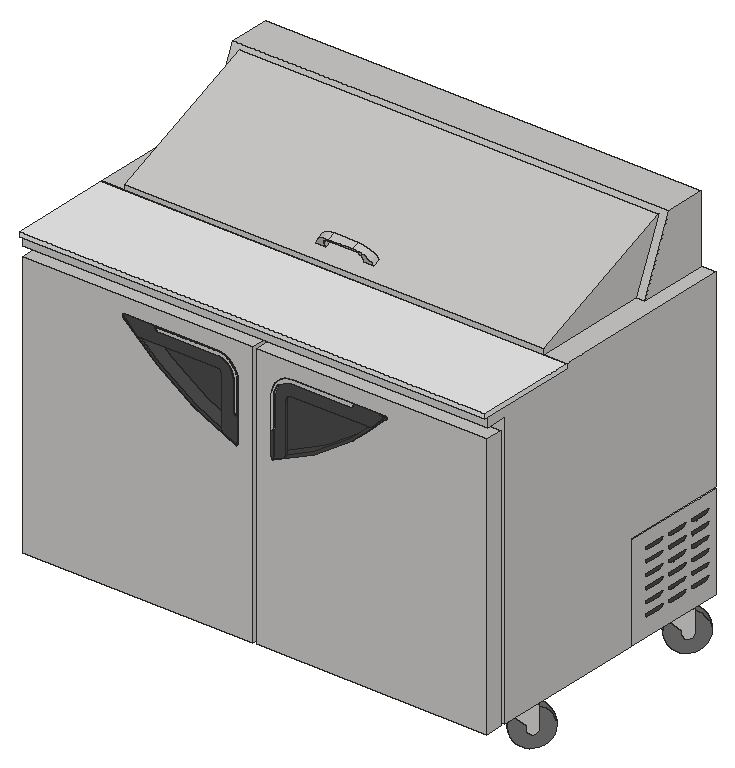
Revit family "QF_Turbo Air_TST-48SDb95a11bd-f1e2-4fd4-9313-4a725087d6c0", category Specialty Equipment, Revit 2012
Parameters
  Weight in Pounds = 273
  Watermarked By = "http://revitwatermark.com"
  Volts = 115 V
  URL Cutsheet = ""
  URL = "www.turboairinc.com"
  Status [instance] = ""
  Specification by User [instance] = ""
  Specification by Manufacturer [instance] = ""
  Serial Number [instance] = ""
  Revision Code [instance] = ""
  Phase = 1
  Number of Poles [instance] = 1
  NAFEM Spec ID Number [instance] = ""
  Model = "TST-48SD"
  Masterspec [instance] = ""
  Manufacturer = "Turbo Air"  # constant formula
  Legs [instance] = [6 inch Legs]  # no
  Item Number [instance] = "-"
  Installed By [instance] = ""
  HP = "1/3"
  Furnished By [instance] = ""
  Foodservice Equipment Identifier = yes
  FL Amps = 6.5 A
  Electrical Remarks [instance] = ""
  Electric Connection Type [instance] = ""
  Elec Conn RI Height [instance] = 0' - 0"
  Elec Conn Connection Height = 1' - 0"
  Description = "Sandwich/Salad Unit"
  Cycle = 60 Hz
  Conn Plug = "NEMA 5-15P"
  Casters [instance] = not(Legs)  # yes
  CasterLeg Height [instance] = if([4 inch Casters], 0' 5", if([5 inch Casters], 0' 5 3/4", if([2_5 inch Casters], 0' 3 3/8", 0' 6")))  # 0' - 5"
  CSI MasterFormat = "11 41 13"
  Assembly Code = "E1090320"
  Apparent Power = if(Phase = 3, Volts * FL Amps * 1.73, Volts * FL Amps)  # 747.5 VA
  6 inch Legs [instance] = no
  5 inch Casters [instance] = no
  4 inch Casters [instance] = yes
  2_5 inch Casters [instance] = no
Reference planes (in)
  plane 1 "BACK": y = 0
  plane 2: z = 0
  plane 3 "LEFT": x = -20.78844
  plane 4 "Bottom": z = 5
  plane 5 "Back Stops": y = 1
  plane 6 "RIGHT": x = 27.46156
  plane 7 "Front of Lid": y = -19.375
  plane 8 "FRONT": y = -30
  plane 9 "Door Clearance": y = -51.75
  plane 10 "Back of Door": y = -27.875
  plane 11 "Front of Box": y = -27.375
  plane 12 "Counter Top": z = 35
  plane 13 "TOP": z = 42
  plane 14 "Top of Door": z = 32.5
  plane 15 "Bottom of Cutting Board": z = 34.5
  plane 16 "Handle LR": x = 3.33656
  plane 17 "Lid Clearance": z = 45.5
  plane 18 "Left Lid Cover": x = -19.28844
  plane 19 "Right of Lid Cover": x = 25.96156
  plane 20 "Left of Lid": x = -18.41344
  plane 21 "Right of Lid": x = 25.08656
  plane 22 "Left of Right Door": x = 3.52406
  plane 23 "Right of Left Door": x = 3.14906
Forms (in)
  Extrusion 1, solid, material "QF_Finishes_Stainless Steel"
    sketch origin (-20.78844, 0, 0) x (0, 1, 0) y (0, 0, 1)
      loop
        line (0, 5) -> (0, 35) -> (-19.375, 35) -> (-19.375, 34.5) -> (-29.625, 34.5) -> (-29.625, 33.5) -> (-27.375, 33.5) -> (-27.375, 5) -> (0, 5)
    from 0 to 48.25
  Extrusion 2, solid, material "QF_Finishes_Black"
    sketch origin (0, -27.375, 0) x (1, 0, 0) y (0, 0, 1)
      loop
        line (-19.78844, 31.5) -> (-19.78844, 6) -> (2.14906, 6) -> (2.14906, 31.5) -> (-19.78844, 31.5)
      loop
        line (26.46156, 6) -> (26.46156, 31.5) -> (4.52406, 31.5) -> (4.52406, 6) -> (26.46156, 6)
    from 0 to 0.5
  Extrusion 3, solid, material "QF_Finishes_Stainless Steel"
    sketch origin (-19.28844, 0, 0) x (0, 1, 0) y (0, 0, 1)
      loop
        line (0, 35) -> (0, 42) -> (-4.25, 42) -> (-7.375, 35) -> (0, 35)
    from 0 to 45.25
  Extrusion 4, solid, material "QF_Finishes_White"
    sketch origin (0, 0, 34.5) x (0, 1, 0) y (-1, 0, 0)
      loop
        line (-19.375, 20.78844) -> (-30, 20.78844) -> (-30, -27.46156) -> (-19.375, -27.46156) -> (-19.375, 20.78844)
    from 0 to 0.5
  Extrusion 5, solid, material "QF_Finishes_Stainless Steel"
    sketch origin (-18.41344, 0, 0) x (0, 1, 0) y (0, 0, 1)
      loop
        line (-19.375, 35) -> (-7.375, 35) -> (-4.45383, 41.54343) -> (-19.375, 35.5) -> (-19.375, 35)
    from 0 to 43.5
  Extrusion 6, solid, material "QF_Finishes_Stainless Steel"
    sketch origin (-8.25, -2.56728, -1.00345) x (1, 0, 0) y (0, -0.375401, 0.926862)
      loop
        line (13.58656, 40.14331) -> (14.58656, 40.14331)
        arc (14.58656, 40.14331) -> (13.91185, 41.04872) -> (12.83656, 41.39331) r 1.85
        line (12.83656, 41.39331) -> (10.33656, 41.39331)
        arc (10.33656, 41.39331) -> (9.26127, 41.04872) -> (8.58656, 40.14331) r 1.85
        line (8.58656, 40.14331) -> (9.58656, 40.14331) -> (9.58656, 40.64331)
        arc (9.58656, 40.64331) -> (9.73301, 40.99687) -> (10.08656, 41.14331) r 0.5
        line (10.08656, 41.14331) -> (13.08656, 41.14331)
        arc (13.08656, 41.14331) -> (13.44011, 40.99687) -> (13.58656, 40.64331) r 0.5
        line (13.58656, 40.64331) -> (13.58656, 40.14331)
    from -0.375 to 0.375
  Extrusion 7, solid, material "QF_Finishes_Clearances", detail levels coarse
    sketch origin (-18.41344, 0, 0) x (0, 1, 0) y (0, 0, 1)
      loop
        arc (-9.375, 45.5) -> (-16.44607, 42.57107) -> (-19.375, 35.5) r 10
        line (-19.375, 35.5) -> (-4.45383, 41.54343) -> (-8.87792, 45.446) -> (-9.375, 45.5)
    from 0 to 43.5
  Extrusion 8, void
    sketch origin (27.46156, 0, 0) x (0, 1, 0) y (0, 0, 1)
      loop
        line (0, 5) -> (0, 15) -> (-11, 15) -> (-11, 5) -> (0, 5)
    from 0 to -1
  Extrusion 9, solid, material "QF_Finishes_Stainless Steel"
    sketch origin (27.46156, 0, 0) x (0, 1, 0) y (0, 0, 1)
      loop
        line (-10.875, 14.875) -> (-10.875, 5) -> (0, 5) -> (0, 14.875) -> (-10.875, 14.875)
      loop
        arc (-9.25, 13.5) -> (-9.10355, 13.14645) -> (-8.75, 13) r 0.5
        line (-8.75, 13) -> (-7.25, 13)
        arc (-7.25, 13) -> (-6.89645, 13.14645) -> (-6.75, 13.5) r 0.5
        line (-6.75, 13.5) -> (-9.25, 13.5)
      loop
        arc (-6.25, 13.5) -> (-6.10355, 13.14645) -> (-5.75, 13) r 0.5
        line (-5.75, 13) -> (-4.25, 13)
        arc (-4.25, 13) -> (-3.89645, 13.14645) -> (-3.75, 13.5) r 0.5
        line (-3.75, 13.5) -> (-6.25, 13.5)
      loop
        arc (-3.25, 13.5) -> (-3.10355, 13.14645) -> (-2.75, 13) r 0.5
        line (-2.75, 13) -> (-1.25, 13)
        arc (-1.25, 13) -> (-0.89645, 13.14645) -> (-0.75, 13.5) r 0.5
        line (-0.75, 13.5) -> (-3.25, 13.5)
      loop
        arc (-9.25, 12.25) -> (-9.10355, 11.89645) -> (-8.75, 11.75) r 0.5
        line (-8.75, 11.75) -> (-7.25, 11.75)
        arc (-7.25, 11.75) -> (-6.89645, 11.89645) -> (-6.75, 12.25) r 0.5
        line (-6.75, 12.25) -> (-9.25, 12.25)
      loop
        arc (-6.25, 12.25) -> (-6.10355, 11.89645) -> (-5.75, 11.75) r 0.5
        line (-5.75, 11.75) -> (-4.25, 11.75)
        arc (-4.25, 11.75) -> (-3.89645, 11.89645) -> (-3.75, 12.25) r 0.5
        line (-3.75, 12.25) -> (-6.25, 12.25)
      loop
        arc (-3.25, 12.25) -> (-3.10355, 11.89645) -> (-2.75, 11.75) r 0.5
        line (-2.75, 11.75) -> (-1.25, 11.75)
        arc (-1.25, 11.75) -> (-0.89645, 11.89645) -> (-0.75, 12.25) r 0.5
        line (-0.75, 12.25) -> (-3.25, 12.25)
      loop
        arc (-9.25, 11) -> (-9.10355, 10.64645) -> (-8.75, 10.5) r 0.5
        line (-8.75, 10.5) -> (-7.25, 10.5)
        arc (-7.25, 10.5) -> (-6.89645, 10.64645) -> (-6.75, 11) r 0.5
        line (-6.75, 11) -> (-9.25, 11)
      loop
        arc (-6.25, 11) -> (-6.10355, 10.64645) -> (-5.75, 10.5) r 0.5
        line (-5.75, 10.5) -> (-4.25, 10.5)
        arc (-4.25, 10.5) -> (-3.89645, 10.64645) -> (-3.75, 11) r 0.5
        line (-3.75, 11) -> (-6.25, 11)
      loop
        arc (-3.25, 11) -> (-3.10355, 10.64645) -> (-2.75, 10.5) r 0.5
        line (-2.75, 10.5) -> (-1.25, 10.5)
        arc (-1.25, 10.5) -> (-0.89645, 10.64645) -> (-0.75, 11) r 0.5
        line (-0.75, 11) -> (-3.25, 11)
      loop
        arc (-9.25, 9.75) -> (-9.10355, 9.39645) -> (-8.75, 9.25) r 0.5
        line (-8.75, 9.25) -> (-7.25, 9.25)
        arc (-7.25, 9.25) -> (-6.89645, 9.39645) -> (-6.75, 9.75) r 0.5
        line (-6.75, 9.75) -> (-9.25, 9.75)
      loop
        arc (-6.25, 9.75) -> (-6.10355, 9.39645) -> (-5.75, 9.25) r 0.5
        line (-5.75, 9.25) -> (-4.25, 9.25)
        arc (-4.25, 9.25) -> (-3.89645, 9.39645) -> (-3.75, 9.75) r 0.5
        line (-3.75, 9.75) -> (-6.25, 9.75)
      loop
        arc (-3.25, 9.75) -> (-3.10355, 9.39645) -> (-2.75, 9.25) r 0.5
        line (-2.75, 9.25) -> (-1.25, 9.25)
        arc (-1.25, 9.25) -> (-0.89645, 9.39645) -> (-0.75, 9.75) r 0.5
        line (-0.75, 9.75) -> (-3.25, 9.75)
      loop
        arc (-9.25, 8.5) -> (-9.10355, 8.14645) -> (-8.75, 8) r 0.5
        line (-8.75, 8) -> (-7.25, 8)
        arc (-7.25, 8) -> (-6.89645, 8.14645) -> (-6.75, 8.5) r 0.5
        line (-6.75, 8.5) -> (-9.25, 8.5)
      loop
        arc (-6.25, 8.5) -> (-6.10355, 8.14645) -> (-5.75, 8) r 0.5
        line (-5.75, 8) -> (-4.25, 8)
        arc (-4.25, 8) -> (-3.89645, 8.14645) -> (-3.75, 8.5) r 0.5
        line (-3.75, 8.5) -> (-6.25, 8.5)
      loop
        arc (-3.25, 8.5) -> (-3.10355, 8.14645) -> (-2.75, 8) r 0.5
        line (-2.75, 8) -> (-1.25, 8)
        arc (-1.25, 8) -> (-0.89645, 8.14645) -> (-0.75, 8.5) r 0.5
        line (-0.75, 8.5) -> (-3.25, 8.5)
      loop
        arc (-9.25, 7.25) -> (-9.10355, 6.89645) -> (-8.75, 6.75) r 0.5
        line (-8.75, 6.75) -> (-7.25, 6.75)
        arc (-7.25, 6.75) -> (-6.89645, 6.89645) -> (-6.75, 7.25) r 0.5
        line (-6.75, 7.25) -> (-9.25, 7.25)
      loop
        arc (-6.25, 7.25) -> (-6.10355, 6.89645) -> (-5.75, 6.75) r 0.5
        line (-5.75, 6.75) -> (-4.25, 6.75)
        arc (-4.25, 6.75) -> (-3.89645, 6.89645) -> (-3.75, 7.25) r 0.5
        line (-3.75, 7.25) -> (-6.25, 7.25)
      loop
        arc (-3.25, 7.25) -> (-3.10355, 6.89645) -> (-2.75, 6.75) r 0.5
        line (-2.75, 6.75) -> (-1.25, 6.75)
        arc (-1.25, 6.75) -> (-0.89645, 6.89645) -> (-0.75, 7.25) r 0.5
        line (-0.75, 7.25) -> (-3.25, 7.25)
    from 0 to -1
  Extrusion 10, solid, material "QF_Finishes_Black"
    sketch origin (27.46156, 0, 0) x (0, 1, 0) y (0, 0, 1)
      loop
        line (-9.875, 13.95221) -> (-9.875, 6.20221) -> (-0.375, 6.20221) -> (-0.375, 13.95221) -> (-9.875, 13.95221)
    from -0.125 to -1
  Extrusion 11, solid, material "QF_Finishes_Black"
    sketch origin (0, 0, 0) x (1, 0, 0) y (0, 0, 1)
      loop
        circle (-14.66344, 30.1875) r 0.5
      loop
        circle (21.33656, 30.1875) r 0.5
    from 0 to -1
  Extrusion 12, solid, material "QF_Finishes_Stainless Steel"
    sketch origin (0, 0, 0) x (1, 0, 0) y (0, 0, 1)
      loop
        circle (23.46156, 11.125) r 0.25
    from 0 to -0.0625
Cuts and joins
  Extrusion 8 cuts Extrusion 1
Lines and regions (in)
  symbolic lines
    curve 1: line (-20.78844, 0, 35) -> (27.46156, 0, 35)
    curve 2: line (-20.78844, -30, 35) -> (-20.78844, 0, 35)
    curve 3: line (27.46156, -30, 35) -> (-20.78844, -30, 35)
    curve 4: line (27.46156, 0, 35) -> (27.46156, -30, 35)
    curve 5: line (-20.78844, -19.375, 35) -> (27.46156, -19.375, 35)
    curve 6: line (20.83656, 1, 35) -> (21.83656, 1, 35)
    curve 7: line (-15.16344, 1, 35) -> (-14.16344, 1, 35)
    curve 8: line (-15.16344, 1, 35) -> (-15.16344, 0, 35)
    curve 9: line (-14.16344, 1, 35) -> (-14.16344, 0, 35)
    curve 10: line (20.83656, 1, 35) -> (20.83656, 0, 35)
    curve 11: line (21.83656, 1, 35) -> (21.83656, 0, 35)
    curve 12: line (1.33656, -17.28956, 35) -> (0.33656, -17.28956, 35)
    curve 13: line (0.33656, -17.28956, 35) -> (0.33656, -17.98471, 35)
    curve 14: line (1.33656, -17.47726, 35) -> (1.33656, -17.28956, 35)
    curve 15: line (4.58656, -18.45396, 35) -> (2.08656, -18.45396, 35)
    curve 16: line (4.83656, -17.66496, 35) -> (1.83656, -17.66496, 35)
    curve 17: line (5.33656, -17.28956, 35) -> (5.33656, -17.47726, 35)
    curve 18: line (6.33656, -17.28956, 35) -> (5.33656, -17.28956, 35)
    curve 19: line (6.33656, -17.98471, 35) -> (6.33656, -17.28956, 35)
    curve 20: spline (6.33656, -17.98471, 35) -> (6.2653, -18.0513, 35) -> (6.17612, -18.11477, 35) -> (6.06997, -18.17445, 35) -> (5.94798, -18.2297, 35) -> (5.81145, -18.27993, 35) -> (5.66185, -18.3246, 35) -> (5.50077, -18.36324, 35) -> (5.32992, -18.39543, 35) -> (5.15114, -18.42083, 35) -> (4.96633, -18.43917, 35) -> (4.77746, -18.45025, 35) -> (4.58656, -18.45396, 35)
    curve 21: spline (1.83656, -17.66496, 35) -> (1.7713, -17.66336, 35) -> (1.70715, -17.65857, 35) -> (1.64522, -17.65067, 35) -> (1.58656, -17.63981, 35) -> (1.53218, -17.62617, 35) -> (1.48301, -17.60998, 35) -> (1.43988, -17.59153, 35) -> (1.40355, -17.57111, 35) -> (1.37462, -17.54909, 35) -> (1.3536, -17.52584, 35) -> (1.34084, -17.50176, 35) -> (1.33656, -17.47726, 35)
    curve 22: spline (5.33656, -17.47726, 35) -> (5.33228, -17.50176, 35) -> (5.31952, -17.52584, 35) -> (5.2985, -17.54909, 35) -> (5.26957, -17.57111, 35) -> (5.23324, -17.59153, 35) -> (5.19011, -17.60998, 35) -> (5.14094, -17.62617, 35) -> (5.08656, -17.63981, 35) -> (5.0279, -17.65067, 35) -> (4.96597, -17.65857, 35) -> (4.90182, -17.66336, 35) -> (4.83656, -17.66496, 35)
    curve 23: spline (2.08656, -18.45396, 35) -> (1.89566, -18.45025, 35) -> (1.70679, -18.43917, 35) -> (1.52198, -18.42083, 35) -> (1.3432, -18.39543, 35) -> (1.17235, -18.36324, 35) -> (1.01127, -18.3246, 35) -> (0.86167, -18.27993, 35) -> (0.72514, -18.2297, 35) -> (0.60315, -18.17445, 35) -> (0.497, -18.11477, 35) -> (0.40782, -18.0513, 35) -> (0.33656, -17.98471, 35)
    curve 40: line (-19.28844, 0, 35) -> (-19.28844, -7.375, 35)
    curve 41: line (25.96156, -7.375, 35) -> (25.96156, 0, 35)
    curve 42: line (-19.28844, -4.25, 35) -> (25.96156, -4.25, 35)
    curve 43: line (-18.41344, -4.25, 35) -> (-18.41344, -19.375, 35)
    curve 44: line (25.08656, -19.375, 35) -> (25.08656, -4.25, 35)
    curve 49: line (25.08656, -7.375, 35) -> (25.96156, -7.375, 35)
    curve 50: line (-18.41344, -7.375, 35) -> (-19.28844, -7.375, 35)
  symbolic lines, style "QF_Surface Details"
    curve 24: line (2.96156, -10.41441, 35) -> (2.96156, -6.42258, 35)
    curve 25: line (-3.03844, -10.41441, 35) -> (-3.03844, -6.42258, 35)
    curve 26: line (-2.03844, -5.42258, 35) -> (1.96156, -5.42258, 35)
    curve 27: line (-2.03844, -11.41441, 35) -> (1.96156, -11.41441, 35)
    curve 28: arc (1.96156, -5.42258, 35) -> (2.66867, -5.71547, 35) -> (2.96156, -6.42258, 35) r 1
    curve 29: arc (-2.03844, -5.42258, 35) -> (-2.74555, -5.71547, 35) -> (-3.03844, -6.42258, 35) r 1
    curve 30: arc (-3.03844, -10.41441, 35) -> (-2.74555, -11.12152, 35) -> (-2.03844, -11.41441, 35) r 1
    curve 31: arc (1.96156, -11.41441, 35) -> (2.66867, -11.12152, 35) -> (2.96156, -10.41441, 35) r 1
    curve 32: line (2.96156, -13.41441, 35) -> (2.96156, -17.40625, 35)
    curve 33: line (-3.03844, -13.41441, 35) -> (-3.03844, -17.40625, 35)
    curve 34: line (-2.03844, -18.40625, 35) -> (1.96156, -18.40625, 35)
    curve 35: line (-2.03844, -12.41441, 35) -> (1.96156, -12.41441, 35)
    curve 36: arc (1.96156, -18.40625, 35) -> (2.66867, -18.11336, 35) -> (2.96156, -17.40625, 35) r 1
    curve 37: arc (-2.03844, -18.40625, 35) -> (-2.74555, -18.11336, 35) -> (-3.03844, -17.40625, 35) r 1
    curve 38: arc (-3.03844, -13.41441, 35) -> (-2.74555, -12.70731, 35) -> (-2.03844, -12.41441, 35) r 1
    curve 39: arc (1.96156, -12.41441, 35) -> (2.66867, -12.70731, 35) -> (2.96156, -13.41441, 35) r 1
    curve 51: line (-3.78844, -10.41441, 35) -> (-3.78844, -6.42258, 35)
    curve 52: line (-9.78844, -10.41441, 35) -> (-9.78844, -6.42258, 35)
    curve 53: line (-8.78844, -5.42258, 35) -> (-4.78844, -5.42258, 35)
    curve 54: line (-8.78844, -11.41441, 35) -> (-4.78844, -11.41441, 35)
    curve 55: arc (-4.78844, -5.42258, 35) -> (-4.08133, -5.71547, 35) -> (-3.78844, -6.42258, 35) r 1
    curve 56: arc (-8.78844, -5.42258, 35) -> (-9.49555, -5.71547, 35) -> (-9.78844, -6.42258, 35) r 1
    curve 57: arc (-9.78844, -10.41441, 35) -> (-9.49555, -11.12152, 35) -> (-8.78844, -11.41441, 35) r 1
    curve 58: arc (-4.78844, -11.41441, 35) -> (-4.08133, -11.12152, 35) -> (-3.78844, -10.41441, 35) r 1
    curve 59: line (-3.78844, -13.41441, 35) -> (-3.78844, -17.40625, 35)
    curve 60: line (-9.78844, -13.41441, 35) -> (-9.78844, -17.40625, 35)
    curve 61: line (-8.78844, -18.40625, 35) -> (-4.78844, -18.40625, 35)
    curve 62: line (-8.78844, -12.41441, 35) -> (-4.78844, -12.41441, 35)
    curve 63: arc (-4.78844, -18.40625, 35) -> (-4.08133, -18.11336, 35) -> (-3.78844, -17.40625, 35) r 1
    curve 64: arc (-8.78844, -18.40625, 35) -> (-9.49555, -18.11336, 35) -> (-9.78844, -17.40625, 35) r 1
    curve 65: arc (-9.78844, -13.41441, 35) -> (-9.49555, -12.70731, 35) -> (-8.78844, -12.41441, 35) r 1
    curve 66: arc (-4.78844, -12.41441, 35) -> (-4.08133, -12.70731, 35) -> (-3.78844, -13.41441, 35) r 1
    curve 67: line (-10.53844, -10.41441, 35) -> (-10.53844, -6.42258, 35)
    curve 68: line (-16.53844, -10.41441, 35) -> (-16.53844, -6.42258, 35)
    curve 69: line (-15.53844, -5.42258, 35) -> (-11.53844, -5.42258, 35)
    curve 70: line (-15.53844, -11.41441, 35) -> (-11.53844, -11.41441, 35)
    curve 71: arc (-11.53844, -5.42258, 35) -> (-10.83133, -5.71547, 35) -> (-10.53844, -6.42258, 35) r 1
    curve 72: arc (-15.53844, -5.42258, 35) -> (-16.24555, -5.71547, 35) -> (-16.53844, -6.42258, 35) r 1
    curve 73: arc (-16.53844, -10.41441, 35) -> (-16.24555, -11.12152, 35) -> (-15.53844, -11.41441, 35) r 1
    curve 74: arc (-11.53844, -11.41441, 35) -> (-10.83133, -11.12152, 35) -> (-10.53844, -10.41441, 35) r 1
    curve 75: line (-10.53844, -13.41441, 35) -> (-10.53844, -17.40625, 35)
    curve 76: line (-16.53844, -13.41441, 35) -> (-16.53844, -17.40625, 35)
    curve 77: line (-15.53844, -18.40625, 35) -> (-11.53844, -18.40625, 35)
    curve 78: line (-15.53844, -12.41441, 35) -> (-11.53844, -12.41441, 35)
    curve 79: arc (-11.53844, -18.40625, 35) -> (-10.83133, -18.11336, 35) -> (-10.53844, -17.40625, 35) r 1
    curve 80: arc (-15.53844, -18.40625, 35) -> (-16.24555, -18.11336, 35) -> (-16.53844, -17.40625, 35) r 1
    curve 81: arc (-16.53844, -13.41441, 35) -> (-16.24555, -12.70731, 35) -> (-15.53844, -12.41441, 35) r 1
    curve 82: arc (-11.53844, -12.41441, 35) -> (-10.83133, -12.70731, 35) -> (-10.53844, -13.41441, 35) r 1
    curve 83: line (3.71156, -10.41441, 35) -> (3.71156, -6.42258, 35)
    curve 84: line (9.71156, -10.41441, 35) -> (9.71156, -6.42258, 35)
    curve 85: line (8.71156, -5.42258, 35) -> (4.71156, -5.42258, 35)
    curve 86: line (8.71156, -11.41441, 35) -> (4.71156, -11.41441, 35)
    curve 87: arc (4.71156, -5.42258, 35) -> (4.00445, -5.71547, 35) -> (3.71156, -6.42258, 35) r 1
    curve 88: arc (8.71156, -5.42258, 35) -> (9.41867, -5.71547, 35) -> (9.71156, -6.42258, 35) r 1
    curve 89: arc (9.71156, -10.41441, 35) -> (9.41867, -11.12152, 35) -> (8.71156, -11.41441, 35) r 1
    curve 90: arc (4.71156, -11.41441, 35) -> (4.00445, -11.12152, 35) -> (3.71156, -10.41441, 35) r 1
    curve 91: line (3.71156, -13.41441, 35) -> (3.71156, -17.40625, 35)
    curve 92: line (9.71156, -13.41441, 35) -> (9.71156, -17.40625, 35)
    curve 93: line (8.71156, -18.40625, 35) -> (4.71156, -18.40625, 35)
    curve 94: line (8.71156, -12.41441, 35) -> (4.71156, -12.41441, 35)
    curve 95: arc (4.71156, -18.40625, 35) -> (4.00445, -18.11336, 35) -> (3.71156, -17.40625, 35) r 1
    curve 96: arc (8.71156, -18.40625, 35) -> (9.41867, -18.11336, 35) -> (9.71156, -17.40625, 35) r 1
    curve 97: arc (9.71156, -13.41441, 35) -> (9.41867, -12.70731, 35) -> (8.71156, -12.41441, 35) r 1
    curve 98: arc (4.71156, -12.41441, 35) -> (4.00445, -12.70731, 35) -> (3.71156, -13.41441, 35) r 1
    curve 99: line (10.46156, -10.41441, 35) -> (10.46156, -6.42258, 35)
    curve 100: line (16.46156, -10.41441, 35) -> (16.46156, -6.42258, 35)
    curve 101: line (15.46156, -5.42258, 35) -> (11.46156, -5.42258, 35)
    curve 102: line (15.46156, -11.41441, 35) -> (11.46156, -11.41441, 35)
    curve 103: arc (11.46156, -5.42258, 35) -> (10.75445, -5.71547, 35) -> (10.46156, -6.42258, 35) r 1
    curve 104: arc (15.46156, -5.42258, 35) -> (16.16867, -5.71547, 35) -> (16.46156, -6.42258, 35) r 1
    curve 105: arc (16.46156, -10.41441, 35) -> (16.16867, -11.12152, 35) -> (15.46156, -11.41441, 35) r 1
    curve 106: arc (11.46156, -11.41441, 35) -> (10.75445, -11.12152, 35) -> (10.46156, -10.41441, 35) r 1
    curve 107: line (10.46156, -13.41441, 35) -> (10.46156, -17.40625, 35)
    curve 108: line (16.46156, -13.41441, 35) -> (16.46156, -17.40625, 35)
    curve 109: line (15.46156, -18.40625, 35) -> (11.46156, -18.40625, 35)
    curve 110: line (15.46156, -12.41441, 35) -> (11.46156, -12.41441, 35)
    curve 111: arc (11.46156, -18.40625, 35) -> (10.75445, -18.11336, 35) -> (10.46156, -17.40625, 35) r 1
    curve 112: arc (15.46156, -18.40625, 35) -> (16.16867, -18.11336, 35) -> (16.46156, -17.40625, 35) r 1
    curve 113: arc (16.46156, -13.41441, 35) -> (16.16867, -12.70731, 35) -> (15.46156, -12.41441, 35) r 1
    curve 114: arc (11.46156, -12.41441, 35) -> (10.75445, -12.70731, 35) -> (10.46156, -13.41441, 35) r 1
    curve 115: line (17.21156, -10.41441, 35) -> (17.21156, -6.42258, 35)
    curve 116: line (23.21156, -10.41441, 35) -> (23.21156, -6.42258, 35)
    curve 117: line (22.21156, -5.42258, 35) -> (18.21156, -5.42258, 35)
    curve 118: line (22.21156, -11.41441, 35) -> (18.21156, -11.41441, 35)
    curve 119: arc (18.21156, -5.42258, 35) -> (17.50445, -5.71547, 35) -> (17.21156, -6.42258, 35) r 1
    curve 120: arc (22.21156, -5.42258, 35) -> (22.91867, -5.71547, 35) -> (23.21156, -6.42258, 35) r 1
    curve 121: arc (23.21156, -10.41441, 35) -> (22.91867, -11.12152, 35) -> (22.21156, -11.41441, 35) r 1
    curve 122: arc (18.21156, -11.41441, 35) -> (17.50445, -11.12152, 35) -> (17.21156, -10.41441, 35) r 1
    curve 123: line (17.21156, -13.41441, 35) -> (17.21156, -17.40625, 35)
    curve 124: line (23.21156, -13.41441, 35) -> (23.21156, -17.40625, 35)
    curve 125: line (22.21156, -18.40625, 35) -> (18.21156, -18.40625, 35)
    curve 126: line (22.21156, -12.41441, 35) -> (18.21156, -12.41441, 35)
    curve 127: arc (18.21156, -18.40625, 35) -> (17.50445, -18.11336, 35) -> (17.21156, -17.40625, 35) r 1
    curve 128: arc (22.21156, -18.40625, 35) -> (22.91867, -18.11336, 35) -> (23.21156, -17.40625, 35) r 1
    curve 129: arc (23.21156, -13.41441, 35) -> (22.91867, -12.70731, 35) -> (22.21156, -12.41441, 35) r 1
    curve 130: arc (18.21156, -12.41441, 35) -> (17.50445, -12.70731, 35) -> (17.21156, -13.41441, 35) r 1
  symbolic lines, style "QF_Clearances", detail levels coarse
    curve 45: line (-20.78844, -30, 35) -> (-20.78844, -51.75, 35)
    curve 46: arc (-20.78844, -51.75, 35) -> (-4.63295, -45.49824, 35) -> (3.10586, -30, 35) r 24
    curve 47: line (27.46156, -30, 35) -> (27.46156, -51.75, 35)
    curve 48: arc (27.46156, -51.75, 35) -> (11.30607, -45.49824, 35) -> (3.56726, -30, 35) r 24
Dimensions and locks (in)
  "CasterLeg Height": plane 4 "Bottom" to plane 2
  locked: plane 1 "BACK" to plane 5 "Back Stops" at 1
  locked: plane 6 "RIGHT" to plane 3 "LEFT" at 48.25
  locked: plane 7 "Front of Lid" to plane 1 "BACK" at 19.375
  locked: plane 8 "FRONT" to plane 1 "BACK" at 30
  locked: plane 10 "Back of Door" to plane 1 "BACK" at 27.875
  locked: plane 10 "Back of Door" to plane 11 "Front of Box" at 0.5
  locked: plane 9 "Door Clearance" to plane 1 "BACK" at 51.75
  locked: plane 13 "TOP" to plane 12 "Counter Top" at 7
  locked: plane 12 "Counter Top" to plane 4 "Bottom" at 30
  locked: plane 12 "Counter Top" to plane 15 "Bottom of Cutting Board" at 0.5
  locked: plane 14 "Top of Door" to plane 4 "Bottom" at 27.5
  locked: plane 14 "Top of Door" to Extrusion 2 sketch curve at 1  (x2)
  locked: Extrusion 2 sketch curve to plane 3 "LEFT" at 1
  locked: Extrusion 2 sketch curve to plane 4 "Bottom" at 1  (x2)
  locked: Extrusion 2 sketch curve to plane 6 "RIGHT" at 1
  locked: plane 1 "BACK" to Extrusion 3 sketch curve at 4.25
  locked: plane 1 "BACK" to Extrusion 3 sketch curve at 7.375
  locked: plane 17 "Lid Clearance" to plane 12 "Counter Top" at 10.5
  locked: Extrusion 5 sketch curve to plane 12 "Counter Top" at 0.5
  locked: plane 13 "TOP" to Extrusion 5 sketch curve at 0.45657
  locked: plane 1 "BACK" to Extrusion 5 sketch curve at 4.45383
  locked: plane 1 "BACK" to Extrusion 5 sketch curve at 7.375
  locked: Extrusion 6 to plane 12 "Counter Top" at 2.22168
  locked: Extrusion 6 to plane 12 "Counter Top" at 2.50323
  locked: plane 13 "TOP" to Extrusion 7 sketch curve at 0.45657
  locked: plane 17 "Lid Clearance" to Extrusion 7 sketch curve at 0.054
  locked: Extrusion 8 sketch curve to plane 1 "BACK" at 11
  locked: Extrusion 8 sketch curve to plane 4 "Bottom" at 10
  locked: plane 4 "Bottom" to Extrusion 9 sketch curve at 9.875
  locked: Extrusion 9 sketch curve to plane 1 "BACK" at 10.875
  locked: Extrusion 10 sketch curve to Extrusion 10 sketch curve at 7.75
  locked: Extrusion 10 sketch curve to plane 4 "Bottom" at 1.20221
  locked: Extrusion 10 sketch curve to Extrusion 10 sketch curve at 9.5
  locked: Extrusion 10 sketch curve to plane 1 "BACK" at 0.375
  locked: nested 1 to plane 1 "BACK" at 2.5625
  locked: plane 3 "LEFT" to nested 1 at 2.5
  locked: plane 3 "LEFT" to nested 2 at 2.5
  locked: plane 11 "Front of Box" to nested 2 at 4.625
  locked: nested 3 to plane 6 "RIGHT" at 2.5
  locked: nested 4 to plane 6 "RIGHT" at 2.5
  locked: plane 11 "Front of Box" to nested 4 at 4.625
  locked: nested 3 to plane 1 "BACK" at 2.5625
  locked: plane 12 "Counter Top" to Extrusion 11 sketch curve at 4.8125  (x2)
  locked: plane 6 "RIGHT" to Extrusion 11 sketch curve at 6.125
  locked: Extrusion 11 sketch curve to plane 3 "LEFT" at 6.125
  locked: Extrusion 12 sketch curve to plane 4 "Bottom" at 6.125
  locked: plane 6 "RIGHT" to Extrusion 12 sketch curve at 4
  locked: Extrusion 1 sketch curve to plane 15 "Bottom of Cutting Board" at 1
  locked: Extrusion 1 sketch curve to plane 8 "FRONT" at 0.375
  equal spacing: plane 3 "LEFT", plane 16 "Handle LR", plane 6 "RIGHT"
  locked: plane 18 "Left Lid Cover" to plane 20 "Left of Lid" at 0.875
  locked: plane 21 "Right of Lid" to plane 19 "Right of Lid Cover" at 0.875
  plane 23 "Right of Left Door" to plane 16 "Handle LR" to plane 22 "Left of Right Door" = 0' - 0 3/16" locked, 0' - 0 3/16" locked
  locked: Extrusion 2 sketch curve to plane 23 "Right of Left Door" at 1
  locked: Extrusion 2 sketch curve to plane 22 "Left of Right Door" at 1
  locked: plane 3 "LEFT" to plane 18 "Left Lid Cover" at 1.5
  locked: plane 19 "Right of Lid Cover" to plane 6 "RIGHT" at 1.5
  aligned and locked: level to plane 2
  aligned and locked: Extrusion 1 sketch curve to plane 1 "BACK"
  aligned and locked: Extrusion 1 sketch curve to plane 4 "Bottom"
  aligned and locked: plane 11 "Front of Box" to Extrusion 1 sketch curve
  aligned and locked: plane 6 "RIGHT" to Extrusion 1
  aligned and locked: plane 10 "Back of Door" to Extrusion 2
  aligned and locked: Extrusion 1 sketch curve to plane 12 "Counter Top"
  aligned and locked: Extrusion 3 sketch curve to plane 13 "TOP"
  aligned and locked: plane 1 "BACK" to Extrusion 3 sketch curve
  aligned and locked: Extrusion 3 sketch curve to plane 12 "Counter Top"
  aligned and locked: plane 7 "Front of Lid" to Extrusion 4 sketch curve
  aligned and locked: plane 3 "LEFT" to Extrusion 4 sketch curve
  aligned and locked: Extrusion 4 sketch curve to plane 8 "FRONT"
  aligned and locked: Extrusion 4 sketch curve to plane 6 "RIGHT"
  aligned and locked: plane 12 "Counter Top" to Extrusion 4
  aligned and locked: plane 12 "Counter Top" to Extrusion 5 sketch curve
  aligned and locked: plane 7 "Front of Lid" to Extrusion 5 sketch curve
  aligned and locked: Extrusion 6 to Extrusion 5
  aligned and locked: plane 7 "Front of Lid" to Extrusion 7 sketch curve
  aligned and locked: plane 17 "Lid Clearance" to Extrusion 7 sketch curve
  aligned and locked: Extrusion 8 sketch curve to plane 1 "BACK"
  aligned and locked: Extrusion 8 sketch curve to plane 4 "Bottom"
  aligned and locked: Extrusion 11 to plane 5 "Back Stops"
  aligned and locked: plane 1 "BACK" to curve 1
  aligned and locked: curve 4 to plane 6 "RIGHT"
  aligned and locked: plane 3 "LEFT" to curve 2
  aligned and locked: curve 3 to plane 8 "FRONT"
  aligned and locked: curve 6 to Extrusion 11
  aligned and locked: curve 7 to Extrusion 11
  aligned and locked: curve 12 to Extrusion 6
  aligned and locked: curve 13 to Extrusion 6
  aligned and locked: Extrusion 6 to curve 14
  aligned and locked: curve 15 to Extrusion 6
  aligned and locked: curve 16 to Extrusion 6
  aligned and locked: curve 17 to Extrusion 6
  aligned and locked: curve 18 to Extrusion 6
  aligned and locked: curve 19 to Extrusion 6
  aligned and locked: Extrusion 1 sketch curve to plane 7 "Front of Lid"
  aligned and locked: plane 15 "Bottom of Cutting Board" to Extrusion 1 sketch curve
  aligned and locked: plane 19 "Right of Lid Cover" to Extrusion 3
  aligned and locked: plane 21 "Right of Lid" to Extrusion 7
  aligned and locked: plane 21 "Right of Lid" to Extrusion 5
  aligned and locked: curve 40 to Extrusion 3
  aligned and locked: Extrusion 3 to curve 41
  aligned and locked: curve 42 to Extrusion 3
  aligned and locked: curve 43 to Extrusion 7
  aligned and locked: curve 44 to Extrusion 7
  aligned and locked: cut or joined group of Extrusion 1, Extrusion 8 to plane 4 "Bottom"
  aligned and locked: nested 5 to plane 23 "Right of Left Door"
  aligned and locked: plane 3 "LEFT" to nested 5
  aligned and locked: nested 5 to plane 4 "Bottom"
  aligned and locked: plane 4 "Bottom" to nested 6
  aligned and locked: plane 6 "RIGHT" to nested 6
  aligned and locked: plane 22 "Left of Right Door" to nested 6
Automatic sketch dimensions
  Extrusion 9 sketch curve to plane 1 "BACK" = 0' - 0"
  Extrusion 9 sketch curve to plane 4 "Bottom" = 0' - 0"
  Extrusion 9 sketch curve to Extrusion 9 sketch curve = 0' - 1 5/8"
  Extrusion 9 sketch curve to Extrusion 9 sketch curve = 0' - 0"  (x16)
  Extrusion 9 sketch curve to Extrusion 9 sketch curve = 0' - 0 1/2"  (x31)
  Extrusion 9 sketch curve to Extrusion 9 sketch curve = 0' - 1 1/2"  (x4)
  plane 1 "BACK" to Extrusion 9 sketch curve = 0' - 1 1/4"  (x3)
  plane 4 "Bottom" to Extrusion 9 sketch curve = 0' - 1 3/4"  (x2)
  Extrusion 9 sketch curve to Extrusion 9 sketch curve = 0' - 0 3/4"  (x15)
  plane 1 "BACK" to Extrusion 7 sketch curve = 0' - 9 3/8"
  Extrusion 7 sketch curve to Extrusion 7 sketch curve = 0' - 0.49708"
  plane 1 "BACK" to Extrusion 7 sketch curve = 0' - 4.45383"
  Extrusion 6 sketch curve to plane 23 "Right of Left Door" = 0' - 2 13/16"
  Extrusion 6 sketch curve to Extrusion 6 sketch curve = 0' - 1"  (x2)
  Extrusion 6 sketch curve to Extrusion 6 sketch curve = 0' - 0 1/2"  (x3)
  Extrusion 6 sketch curve to Extrusion 6 sketch curve = 0' - 0 3/4"
  plane 22 "Left of Right Door" to Extrusion 6 sketch curve = 0' - 1 1/16"
  Extrusion 6 sketch curve to Extrusion 6 sketch curve = 0' - 0 1/4"
  Extrusion 6 sketch curve to Extrusion 6 sketch curve = 0' - 0"
  Extrusion 6 sketch curve to Extrusion 6 sketch curve = 0' - 0.6"
  plane 9 "Door Clearance" to curve 48 = 0' - 0"
  plane 9 "Door Clearance" to curve 46 = 0' - 0"
  plane 7 "Front of Lid" to curve 43 = 0' - 0"
  curve 48 to plane 10 "Back of Door" = 0' - 0 1/8"
  curve 46 to plane 10 "Back of Door" = 0' - 0 1/8"
  curve 109 to plane 7 "Front of Lid" = 0' - 0 31/32"
  curve 125 to plane 7 "Front of Lid" = 0' - 0 31/32"
  curve 15 to curve 95 = 0' - 0.04771"
  curve 61 to plane 7 "Front of Lid" = 0' - 0 31/32"
  curve 77 to plane 7 "Front of Lid" = 0' - 0 31/32"
  curve 37 to plane 7 "Front of Lid" = 0' - 0 31/32"
  curve 19 to curve 18 = 0' - 0.69515"
  curve 13 to curve 12 = 0' - 0.69515"
  curve 23 to curve 21 = 0' - 0.0945"
  curve 19 to curve 20 = 0' - 0.22524"
  curve 17 to curve 17 = 0' - 0.1877"
  curve 16 to curve 21 = 0' - 0.1877"
  curve 93 to curve 96 = 0' - 1"
  curve 127 to curve 127 = 0' - 1"
  curve 61 to curve 64 = 0' - 1"
  curve 96 to curve 107 = 0' - 0"
  curve 108 to curve 123 = 0' - 0"
  curve 80 to curve 80 = 0' - 1"
  plane 22 "Left of Right Door" to curve 95 = 0' - 0 3/16"
  curve 23 to curve 95 = 0' - 0.35322"
  curve 32 to plane 23 "Right of Left Door" = 0' - 0 3/16"
  curve 21 to curve 32 = 0' - 0.07101"
  curve 34 to curve 33 = 0' - 1"
  curve 63 to curve 37 = 0' - 0"
  curve 79 to curve 60 = 0' - 0"
  curve 125 to curve 124 = 0' - 1"
  curve 39 to plane 23 "Right of Left Door" = 0' - 1 3/16"
  curve 12 to curve 39 = 0' - 3.87515"
  curve 128 to curve 129 = 0' - 3.99184"
  curve 38 to curve 35 = 0' - 1"
  curve 112 to curve 113 = 0' - 3.99184"
  curve 80 to curve 81 = 0' - 3.99184"
  curve 107 to curve 114 = 0' - 3.99184"
  curve 79 to curve 82 = 0' - 3.99184"
  curve 66 to curve 38 = 0' - 0"
  curve 82 to curve 65 = 0' - 0"
  curve 39 to curve 98 = 0' - 0"
  curve 97 to curve 114 = 0' - 0"
  curve 108 to curve 130 = 0' - 0"
  curve 65 to curve 62 = 0' - 1"
  curve 130 to curve 126 = 0' - 1"
  curve 98 to curve 94 = 0' - 1"
  curve 82 to curve 78 = 0' - 1"
  curve 113 to curve 110 = 0' - 1"
  curve 114 to curve 102 = 0' - 1"
  curve 130 to curve 118 = 0' - 1"
  curve 98 to curve 86 = 0' - 1"
  curve 82 to curve 70 = 0' - 1"
  curve 38 to curve 30 = 0' - 1"
  curve 62 to curve 54 = 0' - 1"
  curve 31 to plane 23 "Right of Left Door" = 0' - 0 3/16"
  curve 27 to curve 31 = 0' - 1"
  curve 122 to curve 115 = 0' - 1"
  curve 54 to curve 51 = 0' - 1"
  curve 54 to curve 52 = 0' - 1"
  curve 58 to curve 30 = 0' - 0"
  plane 22 "Left of Right Door" to curve 83 = 0' - 0 3/16"
  curve 31 to curve 83 = 0' - 0"
  curve 86 to curve 84 = 0' - 1"
  curve 74 to curve 57 = 0' - 0"
  curve 70 to curve 73 = 0' - 1"
  curve 89 to curve 99 = 0' - 0"
  curve 100 to curve 122 = 0' - 0"
  curve 118 to curve 121 = 0' - 1"
  curve 50 to curve 43 = 0' - 3 1/8"
  curve 49 to curve 42 = 0' - 3 1/8"
  curve 30 to curve 29 = 0' - 3.99184"
  curve 49 to curve 120 = 0' - 0.95242"
  curve 84 to curve 84 = 0' - 3.99184"
  curve 83 to curve 83 = 0' - 3.99184"
  curve 50 to curve 72 = 0' - 0.95242"
  curve 84 to curve 99 = 0' - 0"
  curve 100 to curve 100 = 0' - 3.99184"
  curve 100 to curve 119 = 0' - 0"
  curve 67 to curve 71 = 0' - 3.99184"
  curve 28 to curve 83 = 0' - 0"
  curve 67 to curve 56 = 0' - 0"
  curve 55 to curve 29 = 0' - 0"
  curve 56 to curve 53 = 0' - 1"
  curve 28 to curve 26 = 0' - 1"
  curve 88 to curve 88 = 0' - 1"
  curve 72 to curve 69 = 0' - 1"
  curve 104 to curve 104 = 0' - 1"
  curve 120 to curve 117 = 0' - 1"
  curve 120 to plane 21 "Right of Lid" = 0' - 1 7/8"
  curve 128 to plane 21 "Right of Lid" = 0' - 1 7/8"
  curve 6 to plane 21 "Right of Lid" = 0' - 3 1/4"
  curve 11 to curve 10 = 0' - 1"
  curve 128 to curve 127 = 0' - 4"
  curve 122 to curve 130 = 0' - 0"
  curve 130 to curve 108 = 0' - 0 3/4"
  curve 122 to curve 105 = 0' - 0 3/4"
  curve 110 to curve 114 = 0' - 4"
  curve 104 to curve 103 = 0' - 4"
  curve 114 to curve 92 = 0' - 0 3/4"
  curve 99 to curve 88 = 0' - 0 3/4"
  curve 20 to curve 19 = 0' - 0.1"
  curve 22 to curve 95 = 0' - 0 1/8"
  plane 22 "Left of Right Door" to curve 23 = 0' - 0.4125"
  curve 21 to curve 23 = 0' - 0 1/4"
  curve 26 to curve 26 = 0' - 4"
  curve 38 to curve 27 = 0' - 0"
  curve 38 to curve 59 = 0' - 0 3/4"
  curve 25 to curve 58 = 0' - 0 3/4"
  curve 53 to curve 56 = 0' - 4"
  curve 65 to curve 57 = 0' - 0"
  curve 57 to curve 67 = 0' - 0 3/4"
  curve 60 to curve 79 = 0' - 0 3/4"
  plane 20 "Left of Lid" to curve 9 = 0' - 4 1/4"
  curve 9 to curve 8 = 0' - 1"
  plane 20 "Left of Lid" to curve 73 = 0' - 2 7/8"
  plane 20 "Left of Lid" to curve 80 = 0' - 2 7/8"
  radius of Extrusion 11 sketch curve = 0' - 0 1/2"  (x2)
  radius of Extrusion 12 sketch curve = 0' - 0 1/4"
Nested families (in)
  nested 1: "FESCasterLeg" at (-18.28844, -2.5625, 0), Legs <- "Legs", Casters <- "Casters", Height <- "CasterLeg Height", type "FESCasterLeg"
    with Legs no, Height 0' - 5", Casters yes, Caster Radius 0' - 2"
  nested 2: "FESCasterLeg" at (-18.28844, -22.75, 0), Legs <- "Legs", Casters <- "Casters", Height <- "CasterLeg Height", type "FESCasterLeg"
    with Legs no, Height 0' - 5", Casters yes, Caster Radius 0' - 2"
  nested 3: "FESCasterLeg" at (24.96156, -2.5625, 0), Legs <- "Legs", Casters <- "Casters", Height <- "CasterLeg Height", type "FESCasterLeg"
    with Legs no, Height 0' - 5", Casters yes, Caster Radius 0' - 2"
  nested 4: "FESCasterLeg" at (24.96156, -22.75, 0), Legs <- "Legs", Casters <- "Casters", Height <- "CasterLeg Height", type "FESCasterLeg"
    with Legs no, Height 0' - 5", Casters yes, Caster Radius 0' - 2"
  nested 5: "QF_Turbo Air_TBL_Door-2" at (-5.61177, -27.875, 5), type "QF_Turbo Air_TBL_Door-2"
    with Width 1' - 11 15/16", Symbolic Lines no, Height 2' - 3 1/2", Depth 0' - 1 13/16"
  nested 6: "QF_Turbo Air_TBL_Door-2" at (12.28489, -27.875, 5) x (-1, 0, 0) z (0, 0, 1), type "QF_Turbo Air_TBL_Door-2"
    with Width 1' - 11 15/16", Symbolic Lines no, Height 2' - 3 1/2", Depth 0' - 1 13/16"
Connectors (in)
  electrical at (23.46156, 0.0625, 11.125), driven by "Number of Poles", driven by "Volts", driven by "Apparent Power"
    settings: on Extrusion 12, index 1, voltage 115 V, apparent load 747.5 VA, apparent load phase1 0 VA, apparent load phase2 0 VA, apparent load phase3 0 VA, power factor 1, load classification "Other", number of poles 1, system type 30, power factor state 1, is connector primary yes, connector utility no, sub classification motor no, connector description ""
Definition of nested family "FESCasterLeg"
  Parameters (values of type "FESCasterLeg")
    Watermarked By = "http://revitwatermark.com"
    Type Comments = "⍁⍉⌁⌀⏭⎽⌇⍠⌜⍉⎖⌥⌦⌯⍭⏊⍻⍿⍊⏵⍊⏗⏠⍴⎡⌈⎀⍠⌓⌤⏘⎐⍀⌐⏬⏁⎈⏍⏦⎒⏬⌝⍩⍇⌣〈⎫〉⎁⏊⍥⍖⍥⍝⍦⌖⍀⏌⏭⎝⎼⏷⏞⍻⏯⎽⏷⏞⍻⏯⎽⏷⎺⌻⎝⍎⌧⏷⏟⏿⌿⍜⍦⍤⌁⍬⏶⏎⍊⏚⏉⎞⌡⎀⎪⏈⌟⌿⍾⍼⌟⌿⌢⌞⏜⏝⎽⍷⍷⍯⍧⍷⌯⍽⏸⏨⏾⏎⌣⏺⍹⏼⏅⎏⌽⎫⎪⍙⎓⏗⎗⏅⌴⍏⍏⍿⏑⎺⍘⌭⏲⍥⎛⎾⎾⍞⍌⎪⎲⌙⎥⏏⎟⎟⏼⏘⎏⎝⏧⏍⏁⍏⍧⏯⏾⌟"
    Legs [instance] = yes
    Height [instance] = 0' - 6"
    Caster Radius [instance] = if(Height < 0' 3", 0' 1", (Height / 2) - 0' 0 1/2")  # 0' - 2 1/2"
    Casters [instance] = yes
    Assembly Code = ""
  Reference planes (in)
    plane 1 "Center (Front/Back)": y = 0
    plane 2: z = 0
    plane 3 "Center (Left/Right)": x = 0
    plane 4: z = 6
    plane 5: z = 5.5
  Forms (in)
    Extrusion 1, solid, material "QF_Finishes_Stainless Steel", visible <- "Casters"
      sketch origin (-24.12131, -22.88887, 10.18833) x (0.707107, 0.707107, 0) y (0, 0, 1)
        loop
          line (34.98772, -7.68833) -> (34.98772, -4.93833) -> (34.48772, -4.93833) -> (34.39402, -4.68833) -> (32.39402, -4.68833) -> (32.39402, -5.43833) -> (33.98772, -7.34206) -> (33.98772, -7.68833)
          arc (33.98772, -7.68833) -> (34.48772, -8.18833) -> (34.98772, -7.68833) r 0.5
      from 0 to 1.75
    Extrusion 2, solid, material "QF_Finishes_Rubber Black", visible <- "Casters"
      sketch origin (-24.32327, -23.09083, 13.31461) x (0.707107, 0.707107, 0) y (0, 0, 1)
        loop
          circle (34.77334, -10.81461) r 2.5
      from 0.375 to 1.375
    Extrusion 3, solid, material "QF_Finishes_Stainless Steel", visible <- "Casters"
      sketch origin (-7.24148, -8.48391, 0) x (0.707107, 0.707107, 0) y (0, 0, 1)
        loop
          line (10.61603, 5.5) -> (11.61603, 5.5) -> (11.61603, 6) -> (10.61603, 6) -> (10.61603, 5.5)
      from 0 to -1.75
    Blend 4, solid, material "QF_Finishes_Stainless Steel", visible <- "Legs"
      base sketch origin (0, 0, 0) x (1, 0, 0) y (0, 1, 0)
        loop
          circle (0, 0) r 0.5
      top sketch origin (0, 0, 0) x (1, 0, 0) y (0, 1, 0)
        loop
          circle (0, 0) r 1
      from 0 to 6 <- "Height"
  Lines and regions (in)
    symbolic lines, style "QF_Hidden Details", visible <- "Casters", built-in parameter 1006206 <- "Casters"
      curve 1: line (-1.26158, -0.51911, 0) -> (1.39007, 2.13254, 0)
      curve 2: line (-0.53429, -1.24639, 0) -> (2.11736, 1.40526, 0)
    symbolic lines, style "QF_Hidden Details", built-in parameter 1006206 <- "Casters", visible <- "Casters"
      curve 3: line (-1.26158, -0.51911, 0) -> (1.39007, 2.13254, 0)
      curve 4: line (-0.53429, -1.24639, 0) -> (2.11736, 1.40526, 0)
  Dimensions and locks (in)
    locked: plane 4 to plane 5 at 0.5
    "Height": plane 4 to level
    "Caster Radius": Extrusion 2 sketch curve to level
    "Caster Radius": Extrusion 1 sketch curve to level
    "Caster Radius": radius of Extrusion 2 sketch curve
    aligned and locked: plane 2 to level
    aligned: Blend 4 to Extrusion 3
    aligned and locked: plane 4 to Blend 4
    aligned and locked: Extrusion 3 to plane 5
    aligned and locked: plane 4 to Extrusion 3
    aligned and locked: plane 5 to Extrusion 1
  Automatic sketch dimensions
    plane 1 "Center (Front/Back)" to curve 3 = 0' - 0.51911"
    curve 3 to plane 3 "Center (Left/Right)" = 0' - 1.26158"
    plane 1 "Center (Front/Back)" to curve 1 = 0' - 0.51911"
    curve 1 to curve 3 = 0' - 0"  (x3)
    curve 4 to plane 3 "Center (Left/Right)" = 0' - 0.53429"
    curve 2 to curve 4 = 0' - 0"  (x2)
    plane 3 "Center (Left/Right)" to curve 3 = 0' - 1.39007"
    curve 1 to curve 4 = 0' - 0.72729"
    curve 2 to curve 1 = 0' - 0.72729"
    curve 4 to curve 2 = 0' - 0"  (x2)
    curve 2 to plane 1 "Center (Front/Back)" = 0' - 1.40526"
    curve 2 to curve 3 = 0' - 0.72729"
    plane 5 to Extrusion 1 sketch curve = 0' - 0"
    Extrusion 1 sketch curve to Extrusion 1 sketch curve = 0' - 1.5937"
    Extrusion 1 sketch curve to Extrusion 1 sketch curve = 0' - 2"
    Extrusion 1 sketch curve to Extrusion 1 sketch curve = 0' - 0.0937"
    Extrusion 1 sketch curve to Extrusion 1 sketch curve = 0' - 0 1/2"
    Extrusion 1 sketch curve to Extrusion 1 sketch curve = 0' - 0.34627"
    Extrusion 1 sketch curve to plane 5 = 0' - 0 3/4"
    Extrusion 1 sketch curve to plane 5 = 0' - 0 1/4"
    Extrusion 3 sketch curve to plane 5 = 0' - 0"
    plane 4 to Extrusion 3 sketch curve = 0' - 0"
    Extrusion 3 sketch curve to Extrusion 3 sketch curve = 0' - 1"
    plane 1 "Center (Front/Back)" to Blend 4 sketch curve = 0' - 0"  (x2)
    Blend 4 sketch curve to plane 3 "Center (Left/Right)" = 0' - 0"  (x2)
    radius of Blend 4 sketch curve = 0' - 0 1/2"
    radius of Blend 4 sketch curve = 0' - 1"
Definition of nested family "QF_Turbo Air_TBL_Door-2"
  Parameters (values of type "QF_Turbo Air_TBL_Door-2")
    Width [instance] = 1' - 6"
    Watermarked By = "http://revitwatermark.com"
    Symbolic Lines [instance] = yes
    Manufacturer = "Turbo Air"  # constant formula
    Height [instance] = 2' - 3 1/2"
    Depth [instance] = 0' - 1 13/16"
  Reference planes (in)
    plane 1 "BACK": y = 0
    plane 2: z = 0
    plane 3 "LEFT": x = -15.17667
    plane 4: x = 2.82333
    plane 5 "FRONT": y = -1.8125
    plane 6: z = 27.5
  Forms (in)
    Extrusion 1, solid, material "QF_Finishes_Stainless Steel"
      sketch origin (0, 0, 0) x (1, 0, 0) y (0, 0, 1)
        loop
          line (-15.17667, 27.5) -> (-15.17667, 0) -> (2.82333, 0) -> (2.82333, 27.5) -> (-15.17667, 27.5)
        loop
          arc (1.26083, 23.75) -> (0.62013, 25.2968) -> (-0.92667, 25.9375) r 2.1875
          line (-0.92667, 25.9375) -> (-10.51602, 25.9375)
          arc (-10.51602, 25.9375) -> (-10.68463, 25.82502) -> (-10.64553, 25.62614) r 0.18261
          arc (-10.64553, 25.62614) -> (-5.27313, 21.0225) -> (1.01159, 17.7731) r 30.65514
          arc (1.01159, 17.7731) -> (1.18191, 17.79728) -> (1.26083, 17.95014) r 0.1875
          line (1.26083, 17.95014) -> (1.26083, 23.75)
      from 0 to 1.8125
    Extrusion 2, solid, material "QF_Finishes_Black"
      sketch origin (0, 0, 0) x (1, 0, 0) y (0, 0, 1)
        loop
          arc (-10.51602, 25.9375) -> (-10.68463, 25.82502) -> (-10.64553, 25.62614) r 0.18261
          arc (-10.64553, 25.62614) -> (-5.27313, 21.0225) -> (1.01159, 17.7731) r 30.65514
          arc (1.01159, 17.7731) -> (1.18191, 17.79728) -> (1.26083, 17.95014) r 0.1875
          line (1.26083, 17.95014) -> (1.26083, 23.75)
          arc (1.26083, 23.75) -> (0.62013, 25.2968) -> (-0.92667, 25.9375) r 2.1875
          line (-0.92667, 25.9375) -> (-10.51602, 25.9375)
      from 0 to 0.25
    Extrusion 3, solid, material "QF_Finishes_Black"
      sketch origin (0, -1.8125, 0) x (1, 0, 0) y (0, 0, 1)
        loop
          arc (-10.51602, 25.9375) -> (-10.68463, 25.82502) -> (-10.64553, 25.62614) r 0.18261
          arc (-10.64553, 25.62614) -> (-5.27313, 21.0225) -> (1.01159, 17.7731) r 30.65514
          arc (1.01159, 17.7731) -> (1.18191, 17.79728) -> (1.26083, 17.95014) r 0.1875
          line (1.26083, 17.95014) -> (1.26083, 23.75)
          arc (1.26083, 23.75) -> (0.62013, 25.2968) -> (-0.92667, 25.9375) r 2.1875
          line (-0.92667, 25.9375) -> (-10.51602, 25.9375)
        loop
          arc (-10.3612, 25.6875) -> (-5.1116, 21.21513) -> (1.01083, 18.04082) r 30.40514
          line (1.01083, 18.04082) -> (1.01083, 23.75)
          arc (1.01083, 23.75) -> (0.44335, 25.12002) -> (-0.92667, 25.6875) r 1.9375
          line (-0.92667, 25.6875) -> (-10.3612, 25.6875)
      from 0 to -1.5625
    Extrusion 4, solid, material "QF_Finishes_Stainless Steel"
      sketch origin (0, -1.8125, 0) x (1, 0, 0) y (0, 0, 1)
        loop
          line (0.8693, 23.74703) -> (0.8693, 20.9359)
          arc (0.8693, 20.9359) -> (0.97619, 20.67783) -> (1.23426, 20.57094) r 0.36497
          line (1.23426, 20.57094) -> (1.23426, 23.75728)
          arc (1.23426, 23.75728) -> (0.60343, 25.28026) -> (-0.91955, 25.9111) r 2.15381
          line (-0.91955, 25.9111) -> (-7.29364, 25.9111)
          arc (-7.29364, 25.9111) -> (-7.18686, 25.6533) -> (-6.92907, 25.54652) r 0.36457
          line (-6.92907, 25.54652) -> (-0.9302, 25.54652)
          arc (-0.9302, 25.54652) -> (0.34224, 25.01946) -> (0.8693, 23.74703) r 1.79949
      from 0 to 0.0625
    Extrusion 5, solid, material "QF_Finishes_Black"
      sketch origin (0, -1.8125, 0) x (1, 0, 0) y (0, 0, 1)
        loop
          line (-7.29579, 25.91713) -> (-10.23685, 25.91713)
          arc (-10.23685, 25.91713) -> (-10.4057, 25.80626) -> (-10.37109, 25.60724) r 0.18402
          arc (-10.37109, 25.60724) -> (-9.82156, 25.0362) -> (-9.25736, 24.47964) r 30.46741
          arc (-9.25736, 24.47964) -> (-9.13766, 24.40221) -> (-8.99771, 24.37509) r 0.37471
          line (-8.99771, 24.37509) -> (-0.92669, 24.37509)
          arc (-0.92669, 24.37509) -> (-0.48472, 24.19202) -> (-0.30165, 23.75005) r 0.62505
          line (-0.30165, 23.75005) -> (-0.30165, 18.75593)
          arc (-0.30165, 18.75593) -> (-0.23944, 18.54909) -> (-0.07345, 18.41087) r 0.375
          arc (-0.07345, 18.41087) -> (0.46451, 18.18804) -> (1.00663, 17.97553) r 30.46765
          arc (1.00663, 17.97553) -> (1.17982, 17.99636) -> (1.26095, 18.15079) r 0.18755
          line (1.26095, 18.15079) -> (1.26095, 20.57213)
          arc (1.26095, 20.57213) -> (0.98629, 20.66883) -> (0.87001, 20.93579) r 0.36461
          line (0.87001, 20.93579) -> (0.87001, 23.74835)
          arc (0.87001, 23.74835) -> (0.34256, 25.02175) -> (-0.93084, 25.54921) r 1.80086
          line (-0.93084, 25.54921) -> (-6.92787, 25.54921)
          arc (-6.92787, 25.54921) -> (-7.18803, 25.65697) -> (-7.29579, 25.91713) r 0.36792
      from 0 to 0.0625
  Lines and regions (in)
    symbolic lines, visible <- "Symbolic Lines"
      curve 1: line (-15.17667, 0, 25.96875) -> (2.82333, 0, 25.96875)
      curve 2: line (-15.17667, -1.8125, 25.96875) -> (-15.17667, 0, 25.96875)
      curve 3: line (2.82333, -1.8125, 25.96875) -> (-15.17667, -1.8125, 25.96875)
      curve 4: line (2.82333, 0, 25.96875) -> (2.82333, -1.8125, 25.96875)
  Dimensions and locks (in)
    "Width": plane 4 to plane 3 "LEFT"
    "Depth": plane 5 "FRONT" to plane 1 "BACK"
    "Height": plane 6 to plane 2
    locked: plane 4 to Extrusion 1 sketch curve at 3.75
    locked: plane 6 to Extrusion 1 sketch curve at 3.75
    locked: plane 6 to Extrusion 1 sketch curve at 9.54986
    locked: plane 4 to Extrusion 1 sketch curve at 1.5625
    locked: plane 6 to Extrusion 1 sketch curve at 1.5625
    locked: plane 4 to Extrusion 1 sketch curve at 13.33935
    locked: plane 6 to Extrusion 1 sketch curve at 1.87386
    locked: plane 6 to Extrusion 1 sketch curve at 9.7269
    locked: plane 4 to Extrusion 1 sketch curve at 1.81175
    locked: plane 4 to Extrusion 1 sketch curve at 13.46886
    locked: Extrusion 4 sketch curve to Extrusion 4 sketch curve at 0.36457
    locked: Extrusion 4 sketch curve to Extrusion 4 sketch curve at 0.36497
    locked: plane 4 to Extrusion 4 sketch curve at 1.58907
    locked: plane 6 to Extrusion 4 sketch curve at 1.5889
    plane 4 to Extrusion 4 sketch curve = 0' - 10.11697"
    locked: plane 4 to Extrusion 4 sketch curve at 9.7524
    locked: plane 4 to Extrusion 4 sketch curve at 3.74288
    locked: plane 4 to Extrusion 4 sketch curve at 3.75353
    locked: plane 6 to Extrusion 4 sketch curve at 3.74272
    locked: plane 6 to Extrusion 4 sketch curve at 3.75297
    locked: plane 6 to Extrusion 4 sketch curve at 6.92906
    locked: plane 6 to Extrusion 4 sketch curve at 6.5641
    locked: plane 4 to Extrusion 2 sketch curve at 3.75
    locked: plane 4 to Extrusion 2 sketch curve at 13.33935
    locked: plane 4 to Extrusion 2 sketch curve at 13.46886
    locked: plane 4 to Extrusion 2 sketch curve at 1.81175
    locked: plane 4 to Extrusion 2 sketch curve at 1.5625
    locked: plane 4 to Extrusion 5 sketch curve at 1.56238
    locked: plane 4 to Extrusion 5 sketch curve at 1.95332
    locked: plane 4 to Extrusion 5 sketch curve at 3.75417
    locked: plane 4 to Extrusion 5 sketch curve at 9.75121
    locked: plane 4 to Extrusion 5 sketch curve at 10.11912
    locked: plane 4 to Extrusion 5 sketch curve at 13.06018
    locked: plane 4 to Extrusion 5 sketch curve at 13.19443
    locked: plane 4 to Extrusion 5 sketch curve at 12.0807
    locked: plane 4 to Extrusion 5 sketch curve at 11.82104
    locked: plane 4 to Extrusion 5 sketch curve at 3.75003
    locked: plane 4 to Extrusion 5 sketch curve at 3.12498
    locked: plane 4 to Extrusion 5 sketch curve at 2.89679
    locked: plane 4 to Extrusion 5 sketch curve at 1.81671
    aligned and locked: level to plane 2
    aligned and locked: Extrusion 1 sketch curve to plane 6
    aligned and locked: plane 3 "LEFT" to Extrusion 1 sketch curve
    aligned and locked: level to Extrusion 1 sketch curve
    aligned and locked: Extrusion 1 sketch curve to plane 4
    aligned and locked: plane 5 "FRONT" to Extrusion 1
    aligned and locked: plane 1 "BACK" to curve 1
    aligned and locked: plane 3 "LEFT" to curve 2
    aligned and locked: curve 3 to plane 5 "FRONT"
    aligned and locked: curve 4 to plane 4
    aligned and locked: Extrusion 3 sketch curve to Extrusion 1  (x4)
  Automatic sketch dimensions
    plane 4 to Extrusion 1 sketch curve = 0' - 9.03101"
    Extrusion 2 sketch curve to plane 6 = 0' - 1 9/16"
    Extrusion 2 sketch curve to Extrusion 2 sketch curve = 0' - 5.79986"
    Extrusion 2 sketch curve to Extrusion 2 sketch curve = 0' - 0.31136"
    plane 4 to Extrusion 2 sketch curve = 0' - 9.03101"
    Extrusion 2 sketch curve to Extrusion 2 sketch curve = 0' - 0.17704"
    Extrusion 3 sketch curve to Extrusion 3 sketch curve = 0' - 0.12951"
    Extrusion 3 sketch curve to Extrusion 3 sketch curve = 0' - 0.15482"
    Extrusion 3 sketch curve to Extrusion 3 sketch curve = 0' - 0"  (x4)
    Extrusion 3 sketch curve to Extrusion 3 sketch curve = 0' - 0.00075"
    Extrusion 3 sketch curve to Extrusion 3 sketch curve = 0' - 0.09068"
    Extrusion 5 sketch curve to Extrusion 5 sketch curve = 0' - 0"  (x4)
    Extrusion 5 sketch curve to Extrusion 5 sketch curve = 0' - 0.00072"
    Extrusion 5 sketch curve to Extrusion 5 sketch curve = 0' - 2.81256"
    Extrusion 5 sketch curve to Extrusion 5 sketch curve = 0' - 0.36461"
    Extrusion 5 sketch curve to Extrusion 5 sketch curve = 0' - 1.8162"
    Extrusion 5 sketch curve to plane 6 = 0' - 1.89276"
    Extrusion 5 sketch curve to Extrusion 5 sketch curve = 0' - 0.14681"
    Extrusion 5 sketch curve to Extrusion 5 sketch curve = 0' - 0.06678"
    Extrusion 5 sketch curve to plane 6 = 0' - 1.58287"
